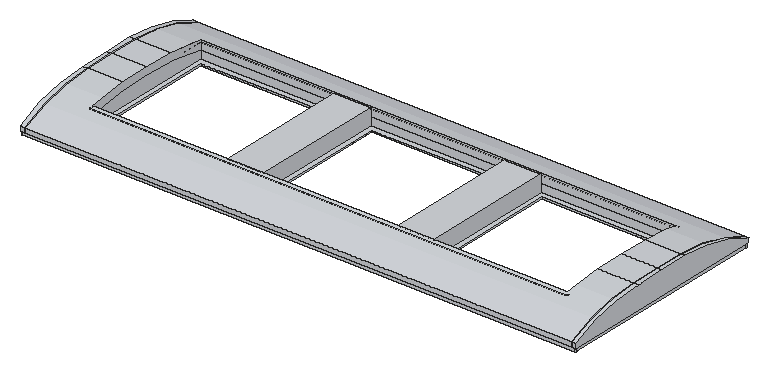
Revit family "Gira_021307", category Electrical Fixtures, host Face, Revit 2017
Family settings
  Host = Face
  Maintain Annotation Orientation = No
  Round Connector Dimension = Use Diameter
  Part Type = Normal
  Cut with Voids When Loaded = No
  Shared = No
  Room Calculation Point = No
Parameters (values of type "Abdeckrahmen 3f Zwischenr. AN Gira Event Reinweiß m")
  Werkstoffgüte = "Thermoplast"
  Werkstoff = "Kunststoff"
  URL = "http://katalog.gira.de/de_DE/datenblatt.html?artikelnr=021307"
  Transparent = "No"
  Textfeld/Beschriftungsfläche = "No"
  Schutzart (IP) = "IP20"
  Region = "DE"
  Oberfläche = "sonstige"
  Name = "Abdeckrahmen 3f Zwischenr. AN Gira Event Reinweiß m"
  Montagerichtung = "horizontal und vertikal"
  Mit Montagerahmen = "No"
  Mit Klappdeckel = "No"
  Manufacturer URL = "https://www.gira.de/"
  Keynote = "Event_Rahmen_3fach"
  HeinzeBIM = "https://bimportal.heinze.de/bim/abdeckrahmen-3f-zwischenr-an-gira-event-reinweiss-m/d939cdcc613f20b4078074e144214eaa1279cff1"
  Halogenfrei = "Yes"
  HAN = "021307"
  Geeignet für Unterputz-Installation = "Yes"
  Geeignet für Unterflurkanaldose = "No"
  Geeignet für Geräteeinbaukanal = "No"
  Geeignet für Einbauinstallation = "No"
  GTIN = "4010337213079"
  Farbe = "weiß"
  Default Elevation = 1219.2 mm
  Data sheet (1) = "https://katalog.gira.de/de_DE/download.html?artikelnr=021307"
  Category = "Abdeckrahmen"
  Befestigungsart = "Klemmbefestigung"
  Available = "Yes"
  Anzahl der Einheiten vertikal = "3 "
  Anzahl der Einheiten horizontal = "3 "
  Anzahl der Einheiten = "3 "
Reference planes
  plane 1 "Center (Front/Back)": y = 0
  plane 2: z = 0
  plane 3 "Center (Left/Right)": x = 0
Forms (mm)
  Extrusion 1, solid, detail levels fine
    sketch origin (0, 0, 0.05) x (0, 1, 0) y (0, 0, 1)
      loop
        arc (12.445, 9.683) -> (6.223, 9.833) -> (0, 9.85) r 291.636
        arc (0, 9.85) -> (-6.223, 9.833) -> (-12.445, 9.683) r 291.636
        arc (-12.445, 9.683) -> (-29.14, 7.482) -> (-45, 1.823) r 79.728
        line (-45, 1.823) -> (-45, -0.05) -> (-42.086, -0.05)
        arc (-42.086, -0.05) -> (-21.385, 5.559) -> (0, 7.206) r 114.424
        arc (0, 7.206) -> (21.385, 5.559) -> (42.086, -0.05) r 114.424
        line (42.086, -0.05) -> (45, -0.05) -> (45, 1.823)
        arc (45, 1.823) -> (29.14, 7.482) -> (12.445, 9.683) r 79.728
    from -114.3 to 114.3
  Extrusion 2, void, detail levels fine
    sketch origin (0, 0, 0) x (1, 0, 0) y (0, 1, 0)
      loop
        line (-99.355, -28.053) -> (99.355, -28.053) -> (99.355, 28.053) -> (-99.355, 28.053) -> (-99.355, -28.053)
    from 0.724 to 11
  Extrusion 3, solid, detail levels coarse
    sketch origin (0, 0, 0) x (1, 0, 0) y (0, 1, 0)
      loop
        line (-116.3, 45) -> (-116.3, -45) -> (116.3, -45) -> (116.3, 45) -> (-116.3, 45)
    from -1.5 to 9.9
  Extrusion 4, solid, detail levels medium
    sketch origin (0, 0, 0.05) x (0, 1, 0) y (0, 0, 1)
      loop
        arc (12.445, 9.683) -> (6.223, 9.833) -> (0, 9.85) r 291.636
        arc (0, 9.85) -> (-6.223, 9.833) -> (-12.445, 9.683) r 291.636
        arc (-12.445, 9.683) -> (-29.14, 7.482) -> (-45, 1.823) r 79.728
        line (-45, 1.823) -> (-45, -0.05) -> (45, -0.05) -> (45, 1.823)
        arc (45, 1.823) -> (29.14, 7.482) -> (12.445, 9.683) r 79.728
    from -116.3 to 116.3
  Extrusion 5, solid, detail levels fine
    sketch origin (-71.3, 0, -1.5) x (0, 1, 0) y (0, 0, -1)
      loop
        line (45, -3.373) -> (45, -1.5) -> (-45, -1.5) -> (-45, -3.373)
        arc (-45, -3.373) -> (-29.14, -9.032) -> (-12.445, -11.233) r 79.728
        arc (-12.445, -11.233) -> (-6.223, -11.383) -> (0, -11.4) r 291.636
        arc (0, -11.4) -> (6.223, -11.383) -> (12.445, -11.233) r 291.636
        arc (12.445, -11.233) -> (29.14, -9.032) -> (45, -3.373) r 79.728
    from 43 to 45
  Extrusion 6, solid, detail levels fine
    sketch origin (0, 0, 0) x (1, 0, 0) y (0, 1, 0)
      loop
        line (-97.195, 25.7) -> (-97.195, -25.7) -> (-45.395, -25.7) -> (-45.395, 25.7) -> (-97.195, 25.7)
      loop
        line (25.9, -25.7) -> (25.9, 25.7) -> (-25.9, 25.7) -> (-25.9, -25.7) -> (25.9, -25.7)
      loop
        line (-100.19, 28.49) -> (-100.19, -28.495)
        spline (-100.19, -28.495) -> (-100.181, -28.625) -> (-100.156, -28.754) -> (-100.113, -28.878) -> (-100.056, -28.995) -> (-99.983, -29.104) -> (-99.897, -29.202) -> (-99.798, -29.288) -> (-99.69, -29.361) -> (-99.572, -29.419) -> (-99.448, -29.461) -> (-99.32, -29.486) -> (-99.19, -29.495)
        line (-99.19, -29.495) -> (99.195, -29.495)
        spline (99.195, -29.495) -> (99.325, -29.486) -> (99.454, -29.461) -> (99.578, -29.419) -> (99.695, -29.361) -> (99.804, -29.288) -> (99.902, -29.202) -> (99.988, -29.104) -> (100.061, -28.995) -> (100.119, -28.878) -> (100.161, -28.754) -> (100.186, -28.625) -> (100.195, -28.495)
        line (100.195, -28.495) -> (100.195, 28.49)
        spline (100.195, 28.49) -> (100.186, 28.62) -> (100.161, 28.748) -> (100.119, 28.872) -> (100.061, 28.99) -> (99.988, 29.098) -> (99.902, 29.197) -> (99.804, 29.283) -> (99.695, 29.356) -> (99.578, 29.413) -> (99.454, 29.456) -> (99.325, 29.481) -> (99.195, 29.49)
        line (99.195, 29.49) -> (-99.19, 29.49)
        spline (-99.19, 29.49) -> (-99.32, 29.481) -> (-99.448, 29.456) -> (-99.572, 29.413) -> (-99.69, 29.356) -> (-99.798, 29.283) -> (-99.897, 29.197) -> (-99.983, 29.098) -> (-100.056, 28.99) -> (-100.113, 28.872) -> (-100.156, 28.748) -> (-100.181, 28.62) -> (-100.19, 28.49)
      loop
        line (97.2, -25.7) -> (97.2, 25.7) -> (45.4, 25.7) -> (45.4, -25.7) -> (97.2, -25.7)
    from 0.1 to 7.3
  Extrusion 7, solid
    sketch origin (0, 0, 0) x (1, 0, 0) y (0, 1, 0)
      loop
        arc (-116, -44.2) -> (-115.854, -44.554) -> (-115.5, -44.7) r 0.5
        line (-115.5, -44.7) -> (115.5, -44.7)
        arc (115.5, -44.7) -> (115.854, -44.554) -> (116, -44.2) r 0.5
        line (116, -44.2) -> (116, 44.2)
        arc (116, 44.2) -> (115.854, 44.554) -> (115.5, 44.7) r 0.5
        line (115.5, 44.7) -> (-115.5, 44.7)
        arc (-115.5, 44.7) -> (-115.854, 44.554) -> (-116, 44.2) r 0.5
        line (-116, 44.2) -> (-116, -44.2)
      loop
        line (-114.3, 43) -> (-114.3, -43) -> (114.3, -43) -> (114.3, 43) -> (-114.3, 43)
    from -1.5 to 0.5
  Extrusion 8, solid, detail levels fine
    sketch origin (71.3, 0, -1.5) x (0, 1, 0) y (0, 0, 1)
      loop
        arc (45, 3.373) -> (29.14, 9.032) -> (12.445, 11.233) r 79.728
        arc (12.445, 11.233) -> (6.223, 11.383) -> (0, 11.4) r 291.636
        arc (0, 11.4) -> (-6.223, 11.383) -> (-12.445, 11.233) r 291.636
        arc (-12.445, 11.233) -> (-29.14, 9.032) -> (-45, 3.373) r 79.728
        line (-45, 3.373) -> (-45, 1.5) -> (45, 1.5) -> (45, 3.373)
    from 43 to 45
  Extrusion 9, solid, detail levels medium
    sketch origin (0, 0, 0) x (1, 0, 0) y (0, 1, 0)
      loop
        line (-116, -44.7) -> (116, -44.7) -> (116, 44.7) -> (-116, 44.7) -> (-116, -44.7)
    from -1.5 to 0.5
  Extrusion 10, solid, detail levels fine
    sketch origin (-34.207, 0, 0) x (1, 0, 0) y (0, 1, 0)
      loop
        line (-8.943, 28.063) -> (-8.943, -27.937) -> (6.057, -27.937) -> (6.057, 28.063) -> (-8.943, 28.063)
    from 0.724 to 7.566
  Extrusion 11, solid, detail levels fine
    sketch origin (34.207, 0, 0) x (-1, 0, 0) y (0, -1, 0)
      loop
        line (-8.943, -28.063) -> (6.057, -28.063) -> (6.057, 27.937) -> (-8.943, 27.937) -> (-8.943, -28.063)
    from 0.724 to 7.566
Cuts and joins
  Extrusion 2 cuts Extrusion 1
  Extrusion 2 cuts Extrusion 6
Dimensions and locks
  aligned and locked: plane 2 to host face
  aligned and locked: level to host face
